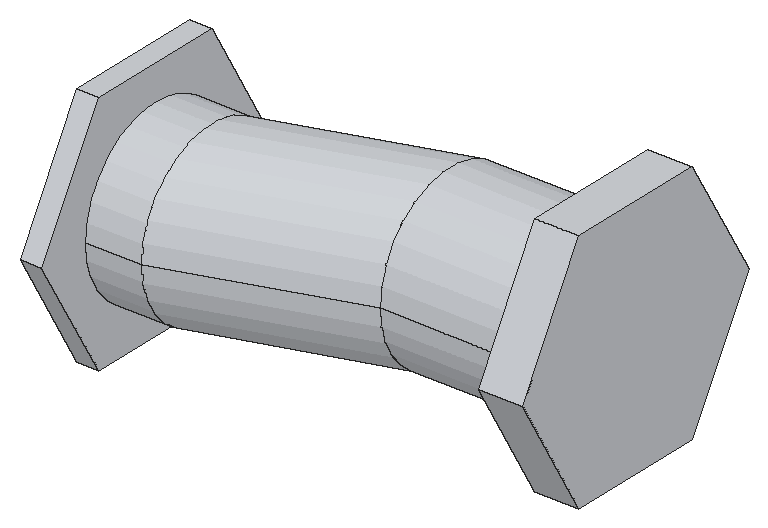
Revit family "M_Deslocamento do conduíte - Compressão - Zinco fundido", category Conexões do conduite, Revit 2019
Family settings
  Cota do conector redondo = Usar raio
  Tipo de parte = Múltiplas portas
  Número OmniClass = 23.80.30.17.11
  Título OmniClass = Conduits
  ID de item do Seek = Conduit Offset - Compression - Die Cast Zinc-0000-CAN-ENU
  Com base no plano de trabalho = Não
  Sempre na vertical = Sim
  Corte com vazios quando carregada = Não
  Compartilhado = Não
Parameters (values of type "Padrão")
  Comprimento da rosca [instance] = 0.2 * Comprimento  # 11.748 mm
  Deslocamento [instance] = 6.5 mm
  Espessura da porca 2 [instance] = Raio externo da conexão / 2  # 4.564 mm
  Espessura da porca 1 [instance] = Raio externo da conexão / 4  # 2.282 mm
  Tamanho plano da porca [instance] = size_lookup(Pesquisa de tamanho de conduite, "NFS", 1.16 * Diâmetro nominal + 8.632 mm, Diâmetro nominal)  # 25.4 mm
  Raio nominal [instance] = 8 mm
  Diâmetro nominal [instance] = Raio nominal * 2  # 16 mm
  Comprimento 2 [instance] = 1524 mm + Deslocamento  # 1530.5 mm
  Comprimento 6 [instance] = Comprimento / 3  # 19.579 mm
  Comprimento 5 [instance] = 0.1 * Comprimento  # 5.874 mm
  Comprimento 4 [instance] = Comprimento 7 * cos(30.00°)  # 12.7 mm
  Comprimento 3 [instance] = Comprimento 7 * sin(30.00°)  # 7.332 mm
  Comprimento 7 [instance] = Tamanho plano da porca / (2 * cos(30.00°))  # 14.665 mm
  Comprimento 1 [instance] = Comprimento - Comprimento da rosca  # 46.99 mm
  Raio externo da conexão [instance] = Diâmetro externo da conexão / 2  # 9.128 mm
  Diâmetro externo da conexão [instance] = size_lookup(Pesquisa de tamanho de conduite, "FOD", 1.11 * Diâmetro nominal + 2.58 mm, Diâmetro nominal)  # 18.256 mm
  Comprimento [instance] = size_lookup(Pesquisa de tamanho de conduite, "Lgt", 1.52 * Diâmetro nominal + 47.823 mm, Diâmetro nominal)  # 58.738 mm
  Pesquisa de tamanho de conduite = "M_Conduit Offset - Compression - Die Cast Zinc"
Reference planes
  plane 1 "Centro (Frente/Trás)": y = 0
  plane 2: z = 0
  plane 3 "Centro (Esquerda/Direita)": x = 0
  plane 4: x = 2.282
  plane 5: y = 14.665
  plane 6: y = -14.665
  plane 7: y = 7.332
  plane 8: y = -7.332
  plane 9: z = 12.7
  plane 10: z = -12.7
  plane 11: x = 46.99
  plane 12: z = 14.665
  plane 13: z = 34.244
  plane 14: x = 8.156
  plane 15: x = 27.735
  plane 16: y = 6.5
  plane 17: x = 42.426
  plane 18: y = 21.165
  plane 19: y = -8.165
  plane 20: y = 13.832
  plane 21: y = -0.832
  plane 22: y = -1524
Forms (mm)
  Extrusion 1, solid, detail levels fine
    sketch origin (0, 0, 0) x (0, 1, 0) y (0, 0, 1)
      loop
        line (7.332, 12.7) -> (-7.332, 12.7) -> (-14.665, 0) -> (-7.332, -12.7) -> (7.332, -12.7) -> (14.665, 0) -> (7.332, 12.7)
    from 0 to 2.282
  Extrusion 2, solid, detail levels fine
    sketch origin (42.426, 25.891, 1219.2) x (0, 1, 0) y (0, 0, 1)
      loop
        line (-26.724, -1206.5) -> (-34.056, -1219.2) -> (-26.724, -1231.9) -> (-12.059, -1231.9) -> (-4.727, -1219.2) -> (-12.059, -1206.5) -> (-26.724, -1206.5)
    from 0 to 4.564
  Sweep 3, solid, detail levels fine
    path in 3D
      loop
        line (0, 0, 0) -> (2.282, 0, 0)
    profile origin (1.141, 0, 0) x (0, 1, 0) y (0, 0, 1)
      loop
        circle (0, 0) r 3.175
  Sweep 4, solid, detail levels fine
    path in 3D
      loop
        line (42.426, 6.5, 0) -> (46.99, 6.5, 0)
    profile origin (44.708, 6.5, 0) x (0, 1, 0) y (0, 0, 1)
      loop
        circle (0, 0) r 3.175
  Sweep 5, solid, detail levels fine
    path in 3D
      loop
        line (2.282, 0, 0) -> (8.156, 0, 0)
    profile origin (5.219, 0, 0) x (0, 1, 0) y (0, 0, 1)
      loop
        circle (0, 0) r 9.128
  Sweep 6, solid, detail levels fine
    path in 3D
      loop
        line (27.735, 6.5, 0) -> (42.426, 6.5, 0)
    profile origin (35.08, 6.5, 0) x (0, 1, 0) y (0, 0, 1)
      loop
        circle (0, 0) r 9.128
  Blend 7, solid, detail levels fine
    base sketch origin (8.156, 25.891, 1219.2) x (0, 1, 0) y (0, 0, 1)
      loop
        circle (-19.391, -1219.2) r 9.128
    top sketch origin (8.156, 25.891, 1219.2) x (0, 1, 0) y (0, 0, 1)
      loop
        circle (-25.891, -1219.2) r 9.128
    from 19.579 to 0
Cuts and joins
  joined: Extrusion 1, Extrusion 2, Sweep 3, Sweep 4, Sweep 5, Sweep 6, Blend 7
Lines and regions (mm)
  model lines, detail levels coarse+medium
    curve 1: line (0, 0, 0) -> (2.282, 0, 0)
    curve 2: line (2.282, 0, 0) -> (8.156, 0, 0)
    curve 3: line (8.156, 0, 0) -> (27.735, 6.5, 0)
    curve 4: line (27.735, 6.5, 0) -> (42.426, 6.5, 0)
    curve 5: line (42.426, 6.5, 0) -> (46.99, 6.5, 0)
  sketch lines
    curve 6: line (0, 0, 0) -> (2.282, 0, 0)
    curve 7: line (42.426, 6.5, 0) -> (46.99, 6.5, 0)
    curve 8: line (2.282, 0, 0) -> (8.156, 0, 0)
    curve 9: line (27.735, 6.5, 0) -> (42.426, 6.5, 0)
Dimensions and locks
  "Espessura da porca 1": plane 3 "Centro (Esquerda/Direita)" to plane 4
  "Comprimento 7": plane 5 to plane 1 "Centro (Frente/Trás)"
  equal spacing: plane 5, plane 1 "Centro (Frente/Trás)", plane 6
  "Comprimento 3": plane 7 to plane 1 "Centro (Frente/Trás)"
  equal spacing: plane 7, plane 1 "Centro (Frente/Trás)", plane 8
  "Comprimento 4": plane 9 to plane 2
  equal spacing: plane 9, plane 2, plane 10
  "Comprimento 4": Extrusion 1 sketch curve to plane 2
  "Comprimento 4": plane 1 "Centro (Frente/Trás)" to Extrusion 1 sketch curve
  "Comprimento 4": Extrusion 1 sketch curve to plane 1 "Centro (Frente/Trás)"
  "Comprimento 1": plane 3 "Centro (Esquerda/Direita)" to plane 11
  "Comprimento 7": plane 12 to plane 2
  "Comprimento 6": plane 13 to plane 12
  "Comprimento 5": plane 4 to plane 14
  "Comprimento 6": plane 14 to plane 15
  "Comprimento 7": plane 18 to plane 16
  equal spacing: plane 18, plane 16, plane 19
  "Comprimento 3": plane 20 to plane 16
  equal spacing: plane 20, plane 16, plane 21
  "Espessura da porca 2": plane 17 to plane 11
  locked: plane 1 "Centro (Frente/Trás)" to plane 22 at 1524
  "Comprimento 2": plane 16 to plane 22
  radius of Sweep 3 sketch curve = 3.175 mm
  radius of Sweep 4 sketch curve = 3.175 mm
  "Raio externo da conexão": radius of Sweep 5 sketch curve
  "Raio externo da conexão": radius of Sweep 6 sketch curve
  "Raio externo da conexão": radius of Blend 7 sketch curve  (x2)
  aligned and locked: plane 7 to Extrusion 1 sketch curve
  aligned and locked: Extrusion 1 sketch curve to plane 9
  aligned and locked: plane 8 to Extrusion 1 sketch curve  (x2)
  aligned and locked: plane 10 to Extrusion 1 sketch curve  (x2)
  aligned and locked: plane 2 to Extrusion 1 sketch curve
  aligned and locked: plane 6 to Extrusion 1 sketch curve
  aligned and locked: plane 5 to Extrusion 1 sketch curve
  aligned and locked: Extrusion 1 to plane 3 "Centro (Esquerda/Direita)"
  aligned and locked: plane 4 to Extrusion 1
  aligned and locked: plane 3 "Centro (Esquerda/Direita)" to curve 1
  aligned and locked: plane 1 "Centro (Frente/Trás)" to curve 1
  aligned and locked: plane 4 to curve 2
  aligned and locked: plane 1 "Centro (Frente/Trás)" to curve 2
  aligned and locked: plane 1 "Centro (Frente/Trás)" to curve 3
  aligned and locked: plane 14 to curve 3
  aligned and locked: plane 15 to curve 3
  aligned and locked: curve 4 to plane 16
  aligned and locked: plane 17 to curve 5
  aligned and locked: plane 11 to curve 5
  aligned and locked: curve 5 to plane 16
  aligned and locked: plane 9 to Extrusion 2 sketch curve  (x2)
  aligned and locked: plane 10 to Extrusion 2 sketch curve  (x2)
  aligned and locked: plane 2 to Extrusion 2 sketch curve  (x2)
  aligned and locked: plane 19 to Extrusion 2 sketch curve
  aligned and locked: plane 20 to Extrusion 2 sketch curve  (x2)
  aligned and locked: plane 21 to Extrusion 2 sketch curve  (x2)
  aligned and locked: plane 18 to Extrusion 2 sketch curve
  aligned and locked: Extrusion 2 to plane 17
  aligned and locked: plane 11 to Extrusion 2
  aligned and locked: plane 1 "Centro (Frente/Trás)" to Sweep 5 sketch curve
  aligned and locked: plane 2 to Sweep 5 sketch curve
  aligned and locked: plane 16 to Sweep 6 sketch curve
  aligned and locked: plane 2 to Sweep 6 sketch curve
  aligned and locked: plane 16 to Blend 7 sketch curve
  aligned and locked: plane 2 to Blend 7 sketch curve  (x2)
  aligned and locked: plane 1 "Centro (Frente/Trás)" to Blend 7 sketch curve
  aligned and locked: Blend 7 to plane 14
  aligned and locked: plane 15 to Blend 7
Automatic sketch dimensions
  Sweep 3 sketch curve to profile plane = 0 mm  (x2)
  Sweep 4 sketch curve to profile plane = 0 mm  (x2)
Connectors
  cabletrayconduit at (0, 0, 0), diameter 16, driven by "Raio nominal"
    settings: on Sweep 3, index 1, connector width 304.8 mm, connector height 304.8 mm, connector angle 0.00°, system type 32, placement type 0, profile type 0, connector reference index 2, is primary connector yes, connector utility param no, connector description ""
  cabletrayconduit at (46.99, 6.5, 0), diameter 16, driven by "Raio nominal"
    settings: on Sweep 4, index 2, connector width 304.8 mm, connector height 304.8 mm, connector angle 0.00°, system type 32, placement type 0, profile type 0, connector reference index 1, is primary connector no, connector utility param no, connector description ""
